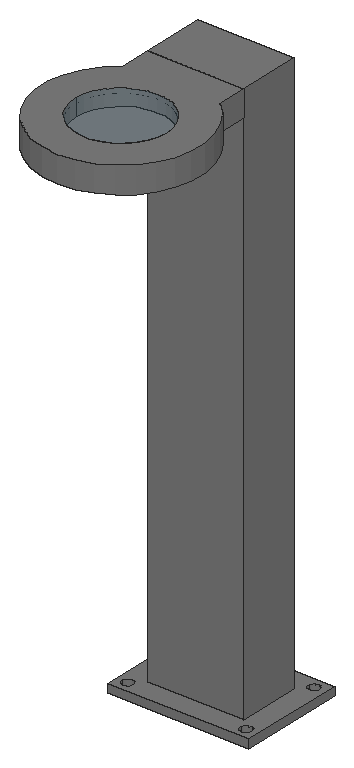
Revit family "Lighting-ArredoUrbano-GEWISS-ELIA-BL-LED_PALO_500mm", category Apparecchi per illuminazione, host Superficie, Revit 2019
Family settings
  Host = Superficie
  Quota connettore circolare = Usa diametro
  Tipo di parte = Normale
  Taglio con vuoti quando caricato = No
  Sorgente d'illuminazione = Sì
  Condiviso = No
  Punto di calcolo locali = Sì
Parameters (values of type "GWF2300LR857 - ELIA BL ST AL ON/OFF 5700K 500 MM")
  larghezza lampada = Lugnezza massima - 24 mm  # 50 mm
  Wattage = 9.2903 W
  Viti esterne = "-"
  Visibilità etichetta [instance] = yes
  Visibilità simbolo [instance] = yes
  Visibilità lampada in pianta [instance] = yes
  Versioni = "Standard 500 mm"
  Versione file RFA = "21.4"
  Variazione temperatura colore lampada con luminosità attenuata = (empty or 0)
  Vano di alimentazione = "Integrato"
  URL = "https://www.gewiss.com/it/it"
  Tolleranza cromatica = "SDCM = 5"
  Tipologia sorgente luminosa = "LED - Non sostituibile"
  Tipo di installazione e montaggio = "Terra"
  Tipo di apparecchio = "Apparecchio a LED per illuminazione diffusa"
  Tensione di alimentazione = "100-240 V "
  Temperatura di stoccaggio = "-20° +65°"
  Temperatura di esercizio = "-20° +45°"
  built-in parameter 1150107 = 3200 (stored number, unit not read)
  Superficie massima esposta al vento : = "-"
  Spostamento_x_effettivo [instance] = 4000 mm - Spostamento_x  # 4000 mm
  Spostamento_x [instance] = 0 mm
  Spostamento_y_effettivo [instance] = 4000 mm - Spostamento_y  # 3728.036 mm
  Spostamento_y [instance] = 271.964 mm
  SostituibilitÃ  piastra di cablaggio = "Non disponibile"
  SostituibilitÃ  gruppo ottico = "Non disponibile"
  Sistema di controllo = "Stand alone"
  Schermo = "Policarbonato"
  Scheda Tecnica = "https://www.gewiss.com/it/it/search?q=GWF2300LR857"
  Resistenza al filo incandescente = "750 °C"
  Resistenza agli urti = "IK08"
  Rendi la forma visibile nel rendering = no
  ROTAZIONE [instance] = 45
  built-in parameter 1150110 = 1 (stored number, unit not read)
  built-in parameter 1150109 = 1 (stored number, unit not read)
  built-in parameter 1114218 = 1 (stored number, unit not read)
  built-in parameter 1150112 = 1 (stored number, unit not read)
  POSIZIONE = 80000  # constant formula
  Ottica = "Opale diffondente"
  Norma di riferimento = "-"
  built-in parameter 1150137 = (empty or 0)
  built-in parameter 1150132 = (empty or 0)
  Materiali = "-"
  Lunghezza simbolo sorgente d'illuminazione = 500 mm
  Lugnezza massima = 74 mm
  built-in parameter 1150105 = 4614.1 (stored number, unit not read)
  built-in parameter 1150102 = (empty or 0)
  Installazione e manutenzione = "-"
  Informazioni generali = "-"
  Indice di resa cromatica = "CRI>80"
  Inclinazione = "-"
  built-in parameter 1150106 = 46.141 (stored number, unit not read)
  Default Elevation = 1219.2 mm
  Produttore = "GEWISS S.p.A."
  Nome quadro [instance] = "330W"
  Modello = "GWF2300LR857"
  Immagine tipo = EliaBL.jpg
  IPEA = "-"
  IDT = "58ef68ba-15dc-4c5e-a143-12ec648dbf1a"
  IDF = "977d9806-efea-4076-90bb-9c59742627c5"
  Guarnizioni = "-"
  Gruppo ottico = "-"
  Grado di protezione = "IP65"
  Garanzia = "5 anni"
  Gancio di chiusura = "-"
  Frequenza nominale (Hz) = "50/60 Hz"
  Lumens = 1380 lm
  Fissaggio = "Supporto in acciaio INOX"
  Finitura colore = "-"
  Color Filter = 16777215
  built-in parameter 1114217 = 1 (stored number, unit not read)
  built-in parameter 1150139 = (empty or 0)
  Failure rate alimentatore = "F025 = 50.000h Tq 25°C"
  Emetti da diametro cerchio = 100 mm
  built-in parameter 1150104 = 13.8 (stored number, unit not read)
  Durata di vita = "L80B50 (Tq25°C) = 50.000h"
  Distanza dal host [instance] = 0 mm
  Dispositivo di protezione = "DM 0,5KV / CM 1KV"
  built-in parameter 1150115 = 1 (stored number, unit not read)
  built-in parameter 1150114 = 1 (stored number, unit not read)
  built-in parameter 1150113 = 1 (stored number, unit not read)
  Descrizione = "ELIA BL ST AL ON/OFF 5700K 500 MM"
  Creato da GEWISS S.p.A. = ""
  Corpo = "Alluminio pressofuso"
  Controllo abbagliamento e luminanza = "UGR < 25"
  Contesto = "Illuminazione architetturale esterna"
  built-in parameter 1150134 = 3
  built-in parameter 1150138 = (empty or 0)
  Colore = "Nero"
  Codice digitale univoco (Datamatrix) = "Attualmente non presente"
  Codice Electrocod = "2419"
  Codice EAN = "8034035077395"
  Classificazione: = "-"
  Classe isolamento = "I"
  Classe fotobiologica = "RG0"
  Certificazioni e classificazioni = "-"
  Certificazione DIN 18032-3 = "-"
  Catalogo = "LIGHTING"
  Caratteristiche ottiche e illuminotecniche = "-"
  Caratteristiche elettriche e gestione della luce = "-"
  Cablaggio = "Con morsetto"
  COBie.Tagnumber = ""
  COBie.CreatedOn = ""
  COBie.CreatebBy = ""
  COBie.ComponentRegisterItemID = ""
  COBie.Component.TagNumber = ""
  COBie.Component.Space = ""
  COBie.Component.SerialNumber = ""
  COBie.Component.InstallationDate = ""
  COBie.Component.Description = ""
  COBie.Component.BarCode = ""
  Applicazione = "Esterno"
  Apparecchio a ridotta temperatura superficiale = "-"
  Angolo raggio riflettore = 0.5236 (stored number, unit not read)
  Angolo inclinazione = 90.00°
  Angolo campo riflettore = 1.5708 (stored number, unit not read)
  Alimentatore = "Incluso"
  built-in parameter 1150133 = 10 (stored number, unit not read)
Types (3, lengths in mm): name | Scheda Tecnica | Modello | IDT | Descrizione | Codice EAN
  GWF2300LR830 - ELIA BL ST AL ON/OFF 3000K 500 MM | "https://www.gewiss.com/it/it/search?q=GWF2300LR830" | "GWF2300LR830" | "ab9d0a5a-0c0b-401f-98af-01a21daa2fe4" | "ELIA BL ST AL ON/OFF 3000K 500 MM" | "8034035077371"
  GWF2300LR840 - ELIA BL ST AL ON/OFF 4000K 500 MM | "https://www.gewiss.com/it/it/search?q=GWF2300LR840" | "GWF2300LR840" | "2372ad73-2c46-4fcd-beea-468146b8ae52" | "ELIA BL ST AL ON/OFF 4000K 500 MM" | "8034035077388"
  GWF2300LR857 - ELIA BL ST AL ON/OFF 5700K 500 MM | "https://www.gewiss.com/it/it/search?q=GWF2300LR857" | "GWF2300LR857" | "58ef68ba-15dc-4c5e-a143-12ec648dbf1a" | "ELIA BL ST AL ON/OFF 5700K 500 MM" | "8034035077395"
Reference planes
  plane 1 "Centro (Fronte/Retro)": y = 0
  plane 2: z = 0
  plane 3 "Centro (Sinistra/Destra)": x = 0
  plane 4: x = -4000
  plane 5: x = 0
  plane 6: x = 0
  plane 7: z = 1200
  plane 8: y = -4000
  plane 9: y = -271.964
  plane 10: x = -484.286
  plane 11: y = -410.182
  plane 12: x = 484.286
  plane 13: y = 410.182
  plane 14: z = -80
  plane 15 "a": through (0, -290.182, 34.975) normal (0, -0.7071, 0.7071)
  plane 16: through (-235.047, -128.222, 1219.2) normal (-0.9563, 0.2924, 0)
  plane 17: through (-40, -89.462, 1219.2) normal (0.1564, 0.9877, 0)
  plane 18: through (239.503, 190.64, 1219.2) normal (0.9563, -0.2924, 0)
Lines and regions (mm)
  reference lines
    curve 1: line (0, 243.036, 174.371) -> (0, -271.964, 174.371)
Dimensions and locks
  plane 4 to plane 3 "Centro (Sinistra/Destra)" = 4000 mm  (x2)
  "Spostamento_x_effettivo": plane 4 to plane 5
  "Spostamento_x_effettivo": plane 6 to plane 4
  plane 7 to plane 2 = 1200 mm
  "Spostamento_y_effettivo": plane 9 to plane 8
  plane 1 "Centro (Fronte/Retro)" to plane 8 = 4000 mm
  equal spacing: plane 10, plane 3 "Centro (Sinistra/Destra)", plane 12
  equal spacing: plane 13, plane 1 "Centro (Fronte/Retro)", plane 11
  locked: level to plane 14 at 80
  plane 10 to plane 12 = 968.572 mm
  plane 13 to plane 11 = 820.364 mm
  angle plane 17 to plane 18 = 82.00°  (x2)
  angle plane 16 to plane 17 = 98.00°
  aligned and locked: plane 2 to host face
  aligned and locked: level to host face
  aligned and locked: plane 6 to nested 1
  aligned and locked: nested 1 to plane 9
  aligned and locked: plane 3 "Centro (Sinistra/Destra)" to imposter light
  aligned and locked: imposter light to nested 2
  aligned and locked: level to nested 2
Automatic sketch dimensions
  host sketch curve to host sketch curve = 2438.4 mm  (x2)
  plane 11 to curve 1 = 138.218 mm
  level to curve 1 = 174.371 mm
  curve 1 to plane 13 = 167.146 mm
Nested families
  nested 1: "Etichetta light" at (0, -271.964, 0), visible <- "Visibilità etichetta", type "Etichetta light"
  nested 2: "ELIA BL_base" at (0, 0, -7.141), type "ELIA BL_base"
Definition of nested family "ELIA BL_base"
  Parameters (values of type "ELIA BL_base")
    vetrino = none
    h_lampada = 500 mm
    W_struttura = 55 mm
    L_struttura = 85 mm
    Finitura struttura = none
  Reference planes
    plane 1 "Centro (Fronte/Retro)": y = 0
    plane 2: z = 0
    plane 3 "Centro (Sinistra/Destra)": x = 0
    plane 4: x = -62.5
    plane 5: y = 47.5
    plane 6: x = 62.5
    plane 7: y = -47.5
    plane 8: x = -42.5
    plane 9: y = 27.5
    plane 10: x = 42.5
    plane 11: y = -27.5
    plane 12: z = 7.141
    plane 13: x = -52.451
    plane 14: y = -37.804
    plane 15: y = 37.5
    plane 16: x = 52.624
    plane 17: z = 507.141
    plane 18: y = -180.5
    plane 19: z = 483.616
    plane 20: y = -110.497
    plane 21: z = 492.13
    plane 22: z = 502.708
  Forms (mm)
    Extrusion 1, solid, material <- "Finitura struttura"
      sketch origin (0, 0, 0) x (1, 0, 0) y (0, 1, 0)
        loop
          line (-62.5, -47.5) -> (62.5, -47.5) -> (62.5, 47.5) -> (-62.5, 47.5) -> (-62.5, -47.5)
      from 0 to 7.141
    Extrusion 2, void
      sketch origin (0, 0, 0) x (1, 0, 0) y (0, 1, 0)
        loop
          circle (-52.451, 37.5) r 5
        loop
          circle (-52.451, -37.804) r 5
        loop
          circle (52.451, 37.5) r 5
        loop
          circle (52.451, -37.804) r 5
      from 0 to 7.141
    Extrusion 3, solid, material <- "Finitura struttura"
      sketch origin (0, 0, 0) x (1, 0, 0) y (0, 1, 0)
        loop
          line (-42.5, 27.5) -> (-42.5, -27.5) -> (42.5, -27.5) -> (42.5, 27.5) -> (-42.5, 27.5)
      from 0 to 507.141
    Extrusion 4, solid, material <- "Finitura struttura"
      sketch origin (0, 0, 0) x (1, 0, 0) y (0, 1, 0)
        loop
          arc (-42.5, -54.879) -> (0, -180.5) -> (42.5, -54.879) r 70
          line (42.5, -54.879) -> (42.5, -27.5) -> (-42.5, -27.5) -> (-42.5, -54.879)
      from 483.616 to 507.141
    Extrusion 5, void
      sketch origin (0, 0, 0) x (1, 0, 0) y (0, 1, 0)
        loop
          circle (0, -110.497) r 40
      from 492.13 to 507.141
    Extrusion 6, solid, material <- "vetrino"
      sketch origin (0, 0, 0) x (1, 0, 0) y (0, 1, 0)
        loop
          circle (0, -110.497) r 40
      from 502.708 to 507.141
  Cuts and joins
    Extrusion 2 cuts Extrusion 1
    joined: Extrusion 1, Extrusion 3
    Extrusion 5 cuts Extrusion 4
  Dimensions and locks
    equal spacing: plane 8, plane 3 "Centro (Sinistra/Destra)", plane 10
    "L_struttura": plane 8 to plane 10
    equal spacing: plane 9, plane 1 "Centro (Fronte/Retro)", plane 11
    "W_struttura": plane 9 to plane 11
    locked: plane 5 to plane 9 at 20
    locked: plane 11 to plane 7 at 20
    locked: plane 4 to plane 8 at 20
    locked: plane 10 to plane 6 at 20
    locked: plane 12 to plane 2 at 7.141
    locked: plane 4 to plane 13 at 10.049
    locked: plane 14 to plane 7 at 9.696
    locked: plane 5 to plane 15 at 10
    locked: plane 16 to plane 6 at 9.876
    "h_lampada": plane 17 to plane 12
    plane 9 to plane 18 = 208 mm
    locked: plane 17 to plane 19 at 23.525
    locked: plane 21 to plane 19 at 8.514
    locked: plane 17 to plane 22 at 4.432
    diameter of cut or joined group of Extrusion 4, Extrusion 5 = 140 mm
    aligned and locked: level to plane 2
    aligned and locked: Extrusion 1 sketch curve to plane 4
    aligned and locked: Extrusion 1 sketch curve to plane 5
    aligned and locked: Extrusion 1 sketch curve to plane 6
    aligned and locked: Extrusion 1 sketch curve to plane 7
    aligned and locked: plane 12 to Extrusion 1
    aligned and locked: plane 13 to Extrusion 2 sketch curve  (x2)
    aligned and locked: plane 15 to Extrusion 2 sketch curve  (x2)
    aligned and locked: plane 14 to Extrusion 2 sketch curve  (x2)
    aligned and locked: Extrusion 2 to level
    aligned and locked: Extrusion 1 to Extrusion 2
    aligned and locked: Extrusion 3 sketch curve to plane 9
    aligned and locked: Extrusion 3 sketch curve to plane 8
    aligned and locked: Extrusion 3 sketch curve to plane 11
    aligned and locked: Extrusion 3 sketch curve to plane 10
    aligned and locked: plane 17 to Extrusion 3
    aligned and locked: Extrusion 4 sketch curve to plane 11
    aligned and locked: plane 17 to Extrusion 4
    aligned and locked: plane 19 to Extrusion 4
    aligned and locked: cut or joined group of Extrusion 1, Extrusion 2, Extrusion 3 to Extrusion 5
    aligned and locked: plane 21 to Extrusion 5
    aligned and locked: plane 17 to Extrusion 6
    aligned and locked: Extrusion 6 to plane 22
  Automatic sketch dimensions
    Extrusion 2 sketch curve to plane 16 = 0.173 mm  (x2)
    Extrusion 4 sketch curve to plane 8 = 0 mm
    Extrusion 4 sketch curve to plane 10 = 0 mm
    Extrusion 5 sketch curve to plane 3 "Centro (Sinistra/Destra)" = 0 mm
    plane 20 to Extrusion 5 sketch curve = 0 mm
    Extrusion 6 sketch curve to plane 3 "Centro (Sinistra/Destra)" = 0 mm
    plane 20 to Extrusion 6 sketch curve = 0 mm
    radius of Extrusion 2 sketch curve = 5 mm  (x4)
    radius of Extrusion 5 sketch curve = 40 mm
    radius of Extrusion 6 sketch curve = 40 mm
Definition of nested family "Etichetta light"
  Parameters (values of type "ETICHETTA LIGHT")
    COMMENTI = "330W"
  Reference planes
    plane 1: y = 0
    plane 2: x = 0
  Text (mm)
    label "COMMENTI" at (-0.057, 0.105, 0), shows "COMMENTI"
